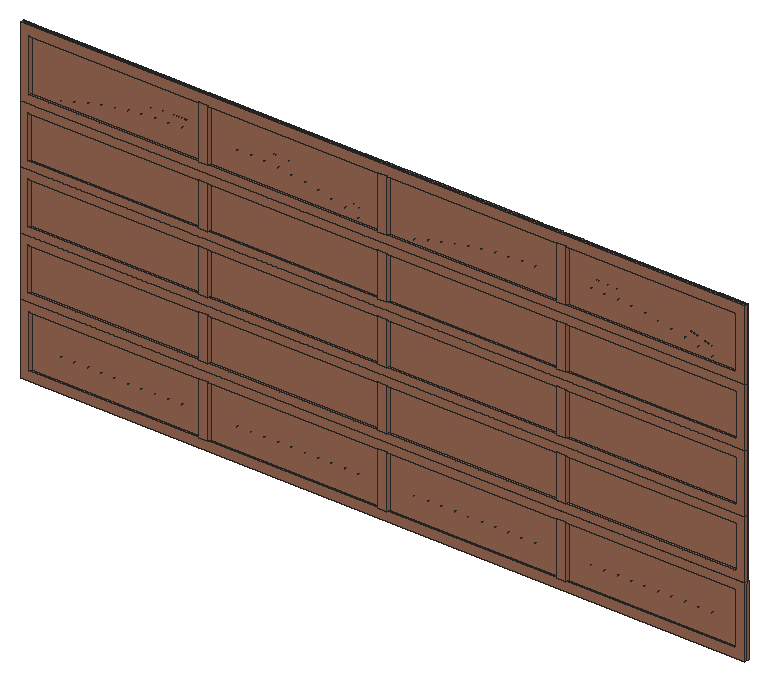
Revit family "GDBL E VERT ARCH ()(Recovery)", category Doors, host Wall, Revit 2013
Parameters
  Wall Opening [instance] = 4880 mm
  Handle Height = 0 mm
  Handle Finish = none
  Function = Interior
  Frame Projection Ext. = 25 mm
  Frame Projection Int. = 25 mm
  Frame Width = 75 mm
  Height = 2135 mm
  Wall Closure = By host
  Width = 4880 mm
  Door Finish = Timber
Reference planes
  plane 1: y = 0
  plane 2 "Center (Left/Right)": x = 0
  plane 3 "Left": x = -2440
  plane 4 "Right": x = 2440
  plane 5: z = 2135
  plane 6 "Exterior": y = 75
  plane 7 "Interior": y = -75
  plane 8 "Garage Bottom": y = 75
  plane 9 "Garage Left": x = 2470
  plane 10 "Garage Right": x = -2470
  plane 11 "Garage Top": z = 2170
  plane 12: z = 482
  plane 13: z = 884
  plane 14: z = 1286
  plane 15: z = 1688
  plane 16 "Front Garage": y = -75
  plane 17: x = 2270
  plane 18: x = 140
  plane 19: z = 170
  plane 20: x = 1205
  plane 21: x = 1345
  plane 22: x = 1065
  plane 23: z = 582
  plane 24: z = 1820
  plane 25: z = 1960
  plane 26: x = -1205
  plane 27: z = 382
  plane 28: z = 794
  plane 29: z = 974
Forms (mm)
  Sweep 1, solid, material "Garage Wood"
    path origin (0, -75, -506) x (1, 0, 0) y (0, 0, 1)
      loop
        line (-2470, 2194) -> (-2470, 1792) -> (2470, 1792) -> (2470, 2194) -> (-2470, 2194)
    profile origin (0, -75, 1688) x (0, 0, 1) y (0, -1, 0)
      loop
        line (-54, 9) -> (0, 9) -> (0, 30) -> (-54, 30) -> (-54, 9)
  Sweep 2, solid, material "Garage Wood"
    path origin (0, -75, -1658) x (1, 0, 0) y (0, 0, 1)
      loop
        line (-2470, 2140) -> (-2470, 1658) -> (2470, 1658) -> (2470, 2140) -> (-2470, 2140)
    profile origin (0, -75, 482) x (0, 0, 1) y (0, -1, 0)
      loop
        line (-60, 9) -> (0, 9) -> (0, 30) -> (-60, 30) -> (-60, 9)
  Sweep 3, solid, material "Garage Wood"
    path origin (0, -75, 30) x (1, 0, 0) y (0, 0, 1)
      loop
        line (-2470, 2140) -> (-2470, 1658) -> (2470, 1658) -> (2470, 2140) -> (-2470, 2140)
    profile origin (0, -75, 2170) x (0, 0, 1) y (0, -1, 0)
      loop
        line (-60, 9) -> (0, 9) -> (0, 30) -> (-60, 30) -> (-60, 9)
  Sweep 4, solid, material "Garage Wood"
    path origin (0, -75, -908) x (1, 0, 0) y (0, 0, 1)
      loop
        line (-2470, 2194) -> (-2470, 1792) -> (2470, 1792) -> (2470, 2194) -> (-2470, 2194)
    profile origin (0, -75, 1286) x (0, 0, 1) y (0, -1, 0)
      loop
        line (-54, 9) -> (0, 9) -> (0, 30) -> (-54, 30) -> (-54, 9)
  Sweep 5, solid, material "Garage Wood"
    path origin (0, -75, -1310) x (1, 0, 0) y (0, 0, 1)
      loop
        line (-2470, 2194) -> (-2470, 1792) -> (2470, 1792) -> (2470, 2194) -> (-2470, 2194)
    profile origin (0, -75, 884) x (0, 0, 1) y (0, -1, 0)
      loop
        line (-54, 9) -> (0, 9) -> (0, 30) -> (-54, 30) -> (-54, 9)
  Extrusion 6, solid, material "Garage Wood"
    sketch origin (2744.172, 300, 2048) x (1, 0, 0) y (0, 1, 0)
      loop
        line (-2774.172, -384) -> (-2774.172, -405) -> (-2714.172, -405) -> (-2714.172, -384) -> (-2774.172, -384)
      loop
        line (-3994.172, -384) -> (-3994.172, -405) -> (-3934.172, -405) -> (-3934.172, -384) -> (-3994.172, -384)
      loop
        line (-1494.172, -384) -> (-1554.172, -384) -> (-1554.172, -405) -> (-1494.172, -405) -> (-1494.172, -384)
    from -708 to -414
  Extrusion 7, solid, material "Garage Wood"
    sketch origin (2744.172, 300, 896) x (1, 0, 0) y (0, 1, 0)
      loop
        line (-2774.172, -384) -> (-2774.172, -405) -> (-2714.172, -405) -> (-2714.172, -384) -> (-2774.172, -384)
      loop
        line (-3994.172, -384) -> (-3994.172, -405) -> (-3934.172, -405) -> (-3934.172, -384) -> (-3994.172, -384)
      loop
        line (-1494.172, -384) -> (-1554.172, -384) -> (-1554.172, -405) -> (-1494.172, -405) -> (-1494.172, -384)
    from -836 to -474
  Extrusion 8, solid, material "Garage Wood"
    sketch origin (2744.172, 300, 2584) x (1, 0, 0) y (0, 1, 0)
      loop
        line (-2774.172, -384) -> (-2774.172, -405) -> (-2714.172, -405) -> (-2714.172, -384) -> (-2774.172, -384)
      loop
        line (-3994.172, -384) -> (-3994.172, -405) -> (-3934.172, -405) -> (-3934.172, -384) -> (-3994.172, -384)
      loop
        line (-1494.172, -384) -> (-1554.172, -384) -> (-1554.172, -405) -> (-1494.172, -405) -> (-1494.172, -384)
    from -836 to -474
  Extrusion 9, solid, material "Garage Wood"
    sketch origin (2744.172, 300, 1646) x (1, 0, 0) y (0, 1, 0)
      loop
        line (-2774.172, -384) -> (-2774.172, -405) -> (-2714.172, -405) -> (-2714.172, -384) -> (-2774.172, -384)
      loop
        line (-3994.172, -384) -> (-3994.172, -405) -> (-3934.172, -405) -> (-3934.172, -384) -> (-3994.172, -384)
      loop
        line (-1494.172, -384) -> (-1554.172, -384) -> (-1554.172, -405) -> (-1494.172, -405) -> (-1494.172, -384)
    from -708 to -414
  Extrusion 10, solid, material "Garage Wood"
    sketch origin (2744.172, 300, 1244) x (1, 0, 0) y (0, 1, 0)
      loop
        line (-2774.172, -384) -> (-2774.172, -405) -> (-2714.172, -405) -> (-2714.172, -384) -> (-2774.172, -384)
      loop
        line (-3994.172, -384) -> (-3994.172, -405) -> (-3934.172, -405) -> (-3934.172, -384) -> (-3994.172, -384)
      loop
        line (-1494.172, -384) -> (-1554.172, -384) -> (-1554.172, -405) -> (-1494.172, -405) -> (-1494.172, -384)
    from -708 to -414
  Extrusion 11, solid, material "Garage Wood"
    sketch origin (1220, -75, 0) x (0, 0, -1) y (-1, 0, 0)
      loop
        line (-482, -1250) -> (0, -1250) -> (0, 3690) -> (-482, 3690) -> (-482, -1250)
    from 0 to -9
  Extrusion 12, solid, material "Garage Wood"
    sketch origin (1220, -75, 512) x (0, 0, -1) y (-1, 0, 0)
      loop
        line (-372, -1250) -> (30, -1250) -> (30, 3690) -> (-372, 3690) -> (-372, -1250)
    from 0 to -9
  Extrusion 13, solid, material "Garage Wood"
    sketch origin (1220, -75, 896) x (0, 0, -1) y (-1, 0, 0)
      loop
        line (-390, -1250) -> (12, -1250) -> (12, 3690) -> (-390, 3690) -> (-390, -1250)
    from 0 to -9
  Extrusion 14, solid, material "Garage Wood"
    sketch origin (1220, -75, 1280) x (0, 0, -1) y (-1, 0, 0)
      loop
        line (-408, -1250) -> (-6, -1250) -> (-6, 3690) -> (-408, 3690) -> (-408, -1250)
    from 0 to -9
  Extrusion 15, solid, material "Garage Wood"
    sketch origin (1220, -75, 1664) x (0, 0, -1) y (-1, 0, 0)
      loop
        line (-506, -1250) -> (-24, -1250) -> (-24, 3690) -> (-506, 3690) -> (-506, -1250)
    from 0 to -9
  Extrusion 16, void
    sketch origin (2744.172, 300, 1688) x (0, 1, 0) y (1, 0, 0)
      loop
        line (-377.187, -474.172) -> (-375, -476.672) -> (-375, -471.672) -> (-377.187, -474.172)
    from -482 to 0
  Extrusion 17, void
    sketch origin (2744.172, 300, 1206) x (0, 1, 0) y (1, 0, 0)
      loop
        line (-377.187, -474.172) -> (-375, -476.672) -> (-375, -471.672) -> (-377.187, -474.172)
    from -482 to -80
  Extrusion 18, void
    sketch origin (2744.172, 300, 804) x (0, 1, 0) y (1, 0, 0)
      loop
        line (-377.187, -474.172) -> (-375, -476.672) -> (-375, -471.672) -> (-377.187, -474.172)
    from -482 to -80
  Extrusion 19, void
    sketch origin (2744.172, 300, 402) x (0, 1, 0) y (1, 0, 0)
      loop
        line (-377.187, -474.172) -> (-375, -476.672) -> (-375, -471.672) -> (-377.187, -474.172)
    from -482 to -80
  Extrusion 20, void
    sketch origin (2744.172, 300, -80) x (0, 1, 0) y (1, 0, 0)
      loop
        line (-377.187, -474.172) -> (-375, -476.672) -> (-375, -471.672) -> (-377.187, -474.172)
    from -562 to -80
  Extrusion 21, void
    sketch origin (1819.172, 300, 1688) x (0, 1, 0) y (1, 0, 0)
      loop
        line (-377.187, -474.172) -> (-375, -476.672) -> (-375, -471.672) -> (-377.187, -474.172)
    from -482 to 0
  Extrusion 22, void
    sketch origin (1819.172, 300, 1206) x (0, 1, 0) y (1, 0, 0)
      loop
        line (-377.187, -474.172) -> (-375, -476.672) -> (-375, -471.672) -> (-377.187, -474.172)
    from -482 to -80
  Extrusion 23, void
    sketch origin (1819.172, 300, 804) x (0, 1, 0) y (1, 0, 0)
      loop
        line (-377.187, -474.172) -> (-375, -476.672) -> (-375, -471.672) -> (-377.187, -474.172)
    from -482 to -80
  Extrusion 24, void
    sketch origin (1819.172, 300, 402) x (0, 1, 0) y (1, 0, 0)
      loop
        line (-377.187, -474.172) -> (-375, -476.672) -> (-375, -471.672) -> (-377.187, -474.172)
    from -482 to -80
  Extrusion 25, void
    sketch origin (1819.172, 300, -80) x (0, 1, 0) y (1, 0, 0)
      loop
        line (-377.187, -474.172) -> (-375, -476.672) -> (-375, -471.672) -> (-377.187, -474.172)
    from -562 to -80
  Extrusion 26, void
    sketch origin (1679.172, 300, 1688) x (0, 1, 0) y (1, 0, 0)
      loop
        line (-377.187, -474.172) -> (-375, -476.672) -> (-375, -471.672) -> (-377.187, -474.172)
    from -482 to 0
  Extrusion 27, void
    sketch origin (1679.172, 300, 1206) x (0, 1, 0) y (1, 0, 0)
      loop
        line (-377.187, -474.172) -> (-375, -476.672) -> (-375, -471.672) -> (-377.187, -474.172)
    from -482 to -80
  Extrusion 28, void
    sketch origin (1679.172, 300, 804) x (0, 1, 0) y (1, 0, 0)
      loop
        line (-377.187, -474.172) -> (-375, -476.672) -> (-375, -471.672) -> (-377.187, -474.172)
    from -482 to -80
  Extrusion 29, void
    sketch origin (1679.172, 300, 402) x (0, 1, 0) y (1, 0, 0)
      loop
        line (-377.187, -474.172) -> (-375, -476.672) -> (-375, -471.672) -> (-377.187, -474.172)
    from -482 to -80
  Extrusion 30, void
    sketch origin (1679.172, 300, -80) x (0, 1, 0) y (1, 0, 0)
      loop
        line (-377.187, -474.172) -> (-375, -476.672) -> (-375, -471.672) -> (-377.187, -474.172)
    from -562 to -80
  Extrusion 31, void
    sketch origin (1539.172, 300, 1688) x (0, 1, 0) y (1, 0, 0)
      loop
        line (-377.187, -474.172) -> (-375, -476.672) -> (-375, -471.672) -> (-377.187, -474.172)
    from -482 to 0
  Extrusion 32, void
    sketch origin (1539.172, 300, 1206) x (0, 1, 0) y (1, 0, 0)
      loop
        line (-377.187, -474.172) -> (-375, -476.672) -> (-375, -471.672) -> (-377.187, -474.172)
    from -482 to -80
  Extrusion 33, void
    sketch origin (1539.172, 300, 804) x (0, 1, 0) y (1, 0, 0)
      loop
        line (-377.187, -474.172) -> (-375, -476.672) -> (-375, -471.672) -> (-377.187, -474.172)
    from -482 to -80
  Extrusion 34, void
    sketch origin (1539.172, 300, 402) x (0, 1, 0) y (1, 0, 0)
      loop
        line (-377.187, -474.172) -> (-375, -476.672) -> (-375, -471.672) -> (-377.187, -474.172)
    from -482 to -80
  Extrusion 35, void
    sketch origin (1539.172, 300, -80) x (0, 1, 0) y (1, 0, 0)
      loop
        line (-377.187, -474.172) -> (-375, -476.672) -> (-375, -471.672) -> (-377.187, -474.172)
    from -562 to -80
  Extrusion 36, void
    sketch origin (2743.252, 300, 1688) x (0, 1, 0) y (1, 0, 0)
      loop
        line (-378.5, -570.639) -> (-375, -574.639) -> (-375, -566.639) -> (-378.5, -570.639)
    from 0 to 402
  Extrusion 37, void
    sketch origin (2651.952, 300, 1688) x (0, 1, 0) y (1, 0, 0)
      loop
        line (-378.5, -570.639) -> (-375, -574.639) -> (-375, -566.639) -> (-378.5, -570.639)
    from 0 to 402
  Extrusion 38, void
    sketch origin (2560.652, 300, 1688) x (0, 1, 0) y (1, 0, 0)
      loop
        line (-378.5, -570.639) -> (-375, -574.639) -> (-375, -566.639) -> (-378.5, -570.639)
    from 0 to 402
  Extrusion 39, void
    sketch origin (2469.352, 300, 1688) x (0, 1, 0) y (1, 0, 0)
      loop
        line (-378.5, -570.639) -> (-375, -574.639) -> (-375, -566.639) -> (-378.5, -570.639)
    from 0 to 402
  Extrusion 40, void
    sketch origin (2378.052, 300, 1688) x (0, 1, 0) y (1, 0, 0)
      loop
        line (-378.5, -570.639) -> (-375, -574.639) -> (-375, -566.639) -> (-378.5, -570.639)
    from 0 to 402
  Extrusion 41, void
    sketch origin (2286.752, 300, 1688) x (0, 1, 0) y (1, 0, 0)
      loop
        line (-378.5, -570.639) -> (-375, -574.639) -> (-375, -566.639) -> (-378.5, -570.639)
    from 0 to 402
  Extrusion 42, void
    sketch origin (2195.452, 300, 1688) x (0, 1, 0) y (1, 0, 0)
      loop
        line (-378.5, -570.639) -> (-375, -574.639) -> (-375, -566.639) -> (-378.5, -570.639)
    from 0 to 402
  Extrusion 43, void
    sketch origin (2104.152, 300, 1688) x (0, 1, 0) y (1, 0, 0)
      loop
        line (-378.5, -570.639) -> (-375, -574.639) -> (-375, -566.639) -> (-378.5, -570.639)
    from 0 to 402
  Extrusion 44, void
    sketch origin (2012.852, 300, 1688) x (0, 1, 0) y (1, 0, 0)
      loop
        line (-378.5, -570.639) -> (-375, -574.639) -> (-375, -566.639) -> (-378.5, -570.639)
    from 0 to 402
  Extrusion 45, void
    sketch origin (1538.427, 300, 1688) x (0, 1, 0) y (1, 0, 0)
      loop
        line (-378.5, -570.639) -> (-375, -574.639) -> (-375, -566.639) -> (-378.5, -570.639)
    from 0 to 402
  Extrusion 46, void
    sketch origin (1447.127, 300, 1688) x (0, 1, 0) y (1, 0, 0)
      loop
        line (-378.5, -570.639) -> (-375, -574.639) -> (-375, -566.639) -> (-378.5, -570.639)
    from 0 to 402
  Extrusion 47, void
    sketch origin (1355.827, 300, 1688) x (0, 1, 0) y (1, 0, 0)
      loop
        line (-378.5, -570.639) -> (-375, -574.639) -> (-375, -566.639) -> (-378.5, -570.639)
    from 0 to 402
  Extrusion 48, void
    sketch origin (1264.527, 300, 1688) x (0, 1, 0) y (1, 0, 0)
      loop
        line (-378.5, -570.639) -> (-375, -574.639) -> (-375, -566.639) -> (-378.5, -570.639)
    from 0 to 402
  Extrusion 49, void
    sketch origin (1173.227, 300, 1688) x (0, 1, 0) y (1, 0, 0)
      loop
        line (-378.5, -570.639) -> (-375, -574.639) -> (-375, -566.639) -> (-378.5, -570.639)
    from 0 to 402
  Extrusion 50, void
    sketch origin (1081.927, 300, 1688) x (0, 1, 0) y (1, 0, 0)
      loop
        line (-378.5, -570.639) -> (-375, -574.639) -> (-375, -566.639) -> (-378.5, -570.639)
    from 0 to 402
  Extrusion 51, void
    sketch origin (990.627, 300, 1688) x (0, 1, 0) y (1, 0, 0)
      loop
        line (-378.5, -570.639) -> (-375, -574.639) -> (-375, -566.639) -> (-378.5, -570.639)
    from 0 to 402
  Extrusion 52, void
    sketch origin (899.327, 300, 1688) x (0, 1, 0) y (1, 0, 0)
      loop
        line (-378.5, -570.639) -> (-375, -574.639) -> (-375, -566.639) -> (-378.5, -570.639)
    from 0 to 402
  Extrusion 53, void
    sketch origin (808.027, 300, 1688) x (0, 1, 0) y (1, 0, 0)
      loop
        line (-378.5, -570.639) -> (-375, -574.639) -> (-375, -566.639) -> (-378.5, -570.639)
    from 0 to 402
  Extrusion 54, void
    sketch origin (614.172, 300, 1688) x (0, 1, 0) y (1, 0, 0)
      loop
        line (-377.187, -474.172) -> (-375, -476.672) -> (-375, -471.672) -> (-377.187, -474.172)
    from -482 to 0
  Extrusion 55, void
    sketch origin (614.172, 300, 1206) x (0, 1, 0) y (1, 0, 0)
      loop
        line (-377.187, -474.172) -> (-375, -476.672) -> (-375, -471.672) -> (-377.187, -474.172)
    from -482 to -80
  Extrusion 56, void
    sketch origin (614.172, 300, 804) x (0, 1, 0) y (1, 0, 0)
      loop
        line (-377.187, -474.172) -> (-375, -476.672) -> (-375, -471.672) -> (-377.187, -474.172)
    from -482 to -80
  Extrusion 57, void
    sketch origin (614.172, 300, 402) x (0, 1, 0) y (1, 0, 0)
      loop
        line (-377.187, -474.172) -> (-375, -476.672) -> (-375, -471.672) -> (-377.187, -474.172)
    from -482 to -80
  Extrusion 58, void
    sketch origin (614.172, 300, -80) x (0, 1, 0) y (1, 0, 0)
      loop
        line (-377.187, -474.172) -> (-375, -476.672) -> (-375, -471.672) -> (-377.187, -474.172)
    from -562 to -80
  Extrusion 59, void
    sketch origin (474.172, 300, 1688) x (0, 1, 0) y (1, 0, 0)
      loop
        line (-377.187, -474.172) -> (-375, -476.672) -> (-375, -471.672) -> (-377.187, -474.172)
    from -482 to 0
  Extrusion 60, void
    sketch origin (474.172, 300, 1206) x (0, 1, 0) y (1, 0, 0)
      loop
        line (-377.187, -474.172) -> (-375, -476.672) -> (-375, -471.672) -> (-377.187, -474.172)
    from -482 to -80
  Extrusion 61, void
    sketch origin (474.172, 300, 804) x (0, 1, 0) y (1, 0, 0)
      loop
        line (-377.187, -474.172) -> (-375, -476.672) -> (-375, -471.672) -> (-377.187, -474.172)
    from -482 to -80
  Extrusion 62, void
    sketch origin (474.172, 300, 402) x (0, 1, 0) y (1, 0, 0)
      loop
        line (-377.187, -474.172) -> (-375, -476.672) -> (-375, -471.672) -> (-377.187, -474.172)
    from -482 to -80
  Extrusion 63, void
    sketch origin (474.172, 300, -80) x (0, 1, 0) y (1, 0, 0)
      loop
        line (-377.187, -474.172) -> (-375, -476.672) -> (-375, -471.672) -> (-377.187, -474.172)
    from -562 to -80
  Sweep 64, void
    path origin (0, -75, 0) x (0, 0, -1) y (-1, 0, 0)
      loop
        line (-1819, -2267.5) -> (-171, -2267.5) -> (-171, -1347.5) -> (-1959, -1347.5)
        arc (-1959, -1347.5) -> (-1928.359, -1813.489) -> (-1819, -2267.5) r 2738.903
    profile origin (2267.5, -75, 995) x (0, 1, 0) y (-1, 0, 0)
      loop
        line (0, -5) -> (0, 3) -> (-3.5, -1) -> (0, -5)
  Extrusion 65, void
    sketch origin (2743.252, 300, 1286) x (0, 1, 0) y (1, 0, 0)
      loop
        line (-378.5, -570.639) -> (-375, -574.639) -> (-375, -566.639) -> (-378.5, -570.639)
    from 0 to 402
  Extrusion 66, void
    sketch origin (2651.952, 300, 1286) x (0, 1, 0) y (1, 0, 0)
      loop
        line (-378.5, -570.639) -> (-375, -574.639) -> (-375, -566.639) -> (-378.5, -570.639)
    from 0 to 402
  Extrusion 67, void
    sketch origin (2560.652, 300, 1286) x (0, 1, 0) y (1, 0, 0)
      loop
        line (-378.5, -570.639) -> (-375, -574.639) -> (-375, -566.639) -> (-378.5, -570.639)
    from 0 to 402
  Extrusion 68, void
    sketch origin (2469.352, 300, 1286) x (0, 1, 0) y (1, 0, 0)
      loop
        line (-378.5, -570.639) -> (-375, -574.639) -> (-375, -566.639) -> (-378.5, -570.639)
    from 0 to 402
  Extrusion 69, void
    sketch origin (2378.052, 300, 1286) x (0, 1, 0) y (1, 0, 0)
      loop
        line (-378.5, -570.639) -> (-375, -574.639) -> (-375, -566.639) -> (-378.5, -570.639)
    from 0 to 402
  Extrusion 70, void
    sketch origin (2286.752, 300, 1286) x (0, 1, 0) y (1, 0, 0)
      loop
        line (-378.5, -570.639) -> (-375, -574.639) -> (-375, -566.639) -> (-378.5, -570.639)
    from 0 to 402
  Extrusion 71, void
    sketch origin (2195.452, 300, 1286) x (0, 1, 0) y (1, 0, 0)
      loop
        line (-378.5, -570.639) -> (-375, -574.639) -> (-375, -566.639) -> (-378.5, -570.639)
    from 0 to 402
  Extrusion 72, void
    sketch origin (2104.152, 300, 1286) x (0, 1, 0) y (1, 0, 0)
      loop
        line (-378.5, -570.639) -> (-375, -574.639) -> (-375, -566.639) -> (-378.5, -570.639)
    from 0 to 402
  Extrusion 73, void
    sketch origin (2012.852, 300, 1286) x (0, 1, 0) y (1, 0, 0)
      loop
        line (-378.5, -570.639) -> (-375, -574.639) -> (-375, -566.639) -> (-378.5, -570.639)
    from 0 to 402
  Extrusion 74, void
    sketch origin (1538.427, 300, 1286) x (0, 1, 0) y (1, 0, 0)
      loop
        line (-378.5, -570.639) -> (-375, -574.639) -> (-375, -566.639) -> (-378.5, -570.639)
    from 0 to 402
  Extrusion 75, void
    sketch origin (1447.127, 300, 1286) x (0, 1, 0) y (1, 0, 0)
      loop
        line (-378.5, -570.639) -> (-375, -574.639) -> (-375, -566.639) -> (-378.5, -570.639)
    from 0 to 402
  Extrusion 76, void
    sketch origin (1355.827, 300, 1286) x (0, 1, 0) y (1, 0, 0)
      loop
        line (-378.5, -570.639) -> (-375, -574.639) -> (-375, -566.639) -> (-378.5, -570.639)
    from 0 to 402
  Extrusion 77, void
    sketch origin (1264.527, 300, 1286) x (0, 1, 0) y (1, 0, 0)
      loop
        line (-378.5, -570.639) -> (-375, -574.639) -> (-375, -566.639) -> (-378.5, -570.639)
    from 0 to 402
  Extrusion 78, void
    sketch origin (1173.227, 300, 1286) x (0, 1, 0) y (1, 0, 0)
      loop
        line (-378.5, -570.639) -> (-375, -574.639) -> (-375, -566.639) -> (-378.5, -570.639)
    from 0 to 402
  Extrusion 79, void
    sketch origin (1081.927, 300, 1286) x (0, 1, 0) y (1, 0, 0)
      loop
        line (-378.5, -570.639) -> (-375, -574.639) -> (-375, -566.639) -> (-378.5, -570.639)
    from 0 to 402
  Extrusion 80, void
    sketch origin (990.627, 300, 1286) x (0, 1, 0) y (1, 0, 0)
      loop
        line (-378.5, -570.639) -> (-375, -574.639) -> (-375, -566.639) -> (-378.5, -570.639)
    from 0 to 402
  Extrusion 81, void
    sketch origin (899.327, 300, 1286) x (0, 1, 0) y (1, 0, 0)
      loop
        line (-378.5, -570.639) -> (-375, -574.639) -> (-375, -566.639) -> (-378.5, -570.639)
    from 0 to 402
  Extrusion 82, void
    sketch origin (808.027, 300, 1286) x (0, 1, 0) y (1, 0, 0)
      loop
        line (-378.5, -570.639) -> (-375, -574.639) -> (-375, -566.639) -> (-378.5, -570.639)
    from 0 to 402
  Extrusion 83, void
    sketch origin (2743.252, 300, 884) x (0, 1, 0) y (1, 0, 0)
      loop
        line (-378.5, -570.639) -> (-375, -574.639) -> (-375, -566.639) -> (-378.5, -570.639)
    from 0 to 402
  Extrusion 84, void
    sketch origin (2651.952, 300, 884) x (0, 1, 0) y (1, 0, 0)
      loop
        line (-378.5, -570.639) -> (-375, -574.639) -> (-375, -566.639) -> (-378.5, -570.639)
    from 0 to 402
  Extrusion 85, void
    sketch origin (2560.652, 300, 884) x (0, 1, 0) y (1, 0, 0)
      loop
        line (-378.5, -570.639) -> (-375, -574.639) -> (-375, -566.639) -> (-378.5, -570.639)
    from 0 to 402
  Extrusion 86, void
    sketch origin (2469.352, 300, 884) x (0, 1, 0) y (1, 0, 0)
      loop
        line (-378.5, -570.639) -> (-375, -574.639) -> (-375, -566.639) -> (-378.5, -570.639)
    from 0 to 402
  Extrusion 87, void
    sketch origin (2378.052, 300, 884) x (0, 1, 0) y (1, 0, 0)
      loop
        line (-378.5, -570.639) -> (-375, -574.639) -> (-375, -566.639) -> (-378.5, -570.639)
    from 0 to 402
  Extrusion 88, void
    sketch origin (2286.752, 300, 884) x (0, 1, 0) y (1, 0, 0)
      loop
        line (-378.5, -570.639) -> (-375, -574.639) -> (-375, -566.639) -> (-378.5, -570.639)
    from 0 to 402
  Extrusion 89, void
    sketch origin (2195.452, 300, 884) x (0, 1, 0) y (1, 0, 0)
      loop
        line (-378.5, -570.639) -> (-375, -574.639) -> (-375, -566.639) -> (-378.5, -570.639)
    from 0 to 402
  Extrusion 90, void
    sketch origin (2104.152, 300, 884) x (0, 1, 0) y (1, 0, 0)
      loop
        line (-378.5, -570.639) -> (-375, -574.639) -> (-375, -566.639) -> (-378.5, -570.639)
    from 0 to 402
  Extrusion 91, void
    sketch origin (2012.852, 300, 884) x (0, 1, 0) y (1, 0, 0)
      loop
        line (-378.5, -570.639) -> (-375, -574.639) -> (-375, -566.639) -> (-378.5, -570.639)
    from 0 to 402
  Extrusion 92, void
    sketch origin (1538.427, 300, 884) x (0, 1, 0) y (1, 0, 0)
      loop
        line (-378.5, -570.639) -> (-375, -574.639) -> (-375, -566.639) -> (-378.5, -570.639)
    from 0 to 402
  Extrusion 93, void
    sketch origin (1447.127, 300, 884) x (0, 1, 0) y (1, 0, 0)
      loop
        line (-378.5, -570.639) -> (-375, -574.639) -> (-375, -566.639) -> (-378.5, -570.639)
    from 0 to 402
  Extrusion 94, void
    sketch origin (1355.827, 300, 884) x (0, 1, 0) y (1, 0, 0)
      loop
        line (-378.5, -570.639) -> (-375, -574.639) -> (-375, -566.639) -> (-378.5, -570.639)
    from 0 to 402
  Extrusion 95, void
    sketch origin (1264.527, 300, 884) x (0, 1, 0) y (1, 0, 0)
      loop
        line (-378.5, -570.639) -> (-375, -574.639) -> (-375, -566.639) -> (-378.5, -570.639)
    from 0 to 402
  Extrusion 96, void
    sketch origin (1173.227, 300, 884) x (0, 1, 0) y (1, 0, 0)
      loop
        line (-378.5, -570.639) -> (-375, -574.639) -> (-375, -566.639) -> (-378.5, -570.639)
    from 0 to 402
  Extrusion 97, void
    sketch origin (1081.927, 300, 884) x (0, 1, 0) y (1, 0, 0)
      loop
        line (-378.5, -570.639) -> (-375, -574.639) -> (-375, -566.639) -> (-378.5, -570.639)
    from 0 to 402
  Extrusion 98, void
    sketch origin (990.627, 300, 884) x (0, 1, 0) y (1, 0, 0)
      loop
        line (-378.5, -570.639) -> (-375, -574.639) -> (-375, -566.639) -> (-378.5, -570.639)
    from 0 to 402
  Extrusion 99, void
    sketch origin (899.327, 300, 884) x (0, 1, 0) y (1, 0, 0)
      loop
        line (-378.5, -570.639) -> (-375, -574.639) -> (-375, -566.639) -> (-378.5, -570.639)
    from 0 to 402
  Extrusion 100, void
    sketch origin (808.027, 300, 884) x (0, 1, 0) y (1, 0, 0)
      loop
        line (-378.5, -570.639) -> (-375, -574.639) -> (-375, -566.639) -> (-378.5, -570.639)
    from 0 to 402
  Extrusion 101, void
    sketch origin (2743.252, 300, 482) x (0, 1, 0) y (1, 0, 0)
      loop
        line (-378.5, -570.639) -> (-375, -574.639) -> (-375, -566.639) -> (-378.5, -570.639)
    from 0 to 312
  Extrusion 102, void
    sketch origin (2651.952, 300, 482) x (0, 1, 0) y (1, 0, 0)
      loop
        line (-378.5, -570.639) -> (-375, -574.639) -> (-375, -566.639) -> (-378.5, -570.639)
    from 0 to 312
  Extrusion 103, void
    sketch origin (2560.652, 300, 482) x (0, 1, 0) y (1, 0, 0)
      loop
        line (-378.5, -570.639) -> (-375, -574.639) -> (-375, -566.639) -> (-378.5, -570.639)
    from 0 to 312
  Extrusion 104, void
    sketch origin (2469.352, 300, 482) x (0, 1, 0) y (1, 0, 0)
      loop
        line (-378.5, -570.639) -> (-375, -574.639) -> (-375, -566.639) -> (-378.5, -570.639)
    from 0 to 312
  Extrusion 105, void
    sketch origin (2378.052, 300, 482) x (0, 1, 0) y (1, 0, 0)
      loop
        line (-378.5, -570.639) -> (-375, -574.639) -> (-375, -566.639) -> (-378.5, -570.639)
    from 0 to 312
  Extrusion 106, void
    sketch origin (2286.752, 300, 482) x (0, 1, 0) y (1, 0, 0)
      loop
        line (-378.5, -570.639) -> (-375, -574.639) -> (-375, -566.639) -> (-378.5, -570.639)
    from 0 to 312
  Extrusion 107, void
    sketch origin (2195.452, 300, 482) x (0, 1, 0) y (1, 0, 0)
      loop
        line (-378.5, -570.639) -> (-375, -574.639) -> (-375, -566.639) -> (-378.5, -570.639)
    from 0 to 312
  Extrusion 108, void
    sketch origin (2104.152, 300, 482) x (0, 1, 0) y (1, 0, 0)
      loop
        line (-378.5, -570.639) -> (-375, -574.639) -> (-375, -566.639) -> (-378.5, -570.639)
    from 0 to 312
  Extrusion 109, void
    sketch origin (2012.852, 300, 482) x (0, 1, 0) y (1, 0, 0)
      loop
        line (-378.5, -570.639) -> (-375, -574.639) -> (-375, -566.639) -> (-378.5, -570.639)
    from 0 to 312
  Extrusion 110, void
    sketch origin (1538.427, 300, 482) x (0, 1, 0) y (1, 0, 0)
      loop
        line (-378.5, -570.639) -> (-375, -574.639) -> (-375, -566.639) -> (-378.5, -570.639)
    from 0 to 312
  Extrusion 111, void
    sketch origin (1447.127, 300, 482) x (0, 1, 0) y (1, 0, 0)
      loop
        line (-378.5, -570.639) -> (-375, -574.639) -> (-375, -566.639) -> (-378.5, -570.639)
    from 0 to 312
  Extrusion 112, void
    sketch origin (1355.827, 300, 482) x (0, 1, 0) y (1, 0, 0)
      loop
        line (-378.5, -570.639) -> (-375, -574.639) -> (-375, -566.639) -> (-378.5, -570.639)
    from 0 to 312
  Extrusion 113, void
    sketch origin (1264.527, 300, 482) x (0, 1, 0) y (1, 0, 0)
      loop
        line (-378.5, -570.639) -> (-375, -574.639) -> (-375, -566.639) -> (-378.5, -570.639)
    from 0 to 312
  Extrusion 114, void
    sketch origin (1173.227, 300, 482) x (0, 1, 0) y (1, 0, 0)
      loop
        line (-378.5, -570.639) -> (-375, -574.639) -> (-375, -566.639) -> (-378.5, -570.639)
    from 0 to 312
  Extrusion 115, void
    sketch origin (1081.927, 300, 482) x (0, 1, 0) y (1, 0, 0)
      loop
        line (-378.5, -570.639) -> (-375, -574.639) -> (-375, -566.639) -> (-378.5, -570.639)
    from 0 to 312
  Extrusion 116, void
    sketch origin (990.627, 300, 482) x (0, 1, 0) y (1, 0, 0)
      loop
        line (-378.5, -570.639) -> (-375, -574.639) -> (-375, -566.639) -> (-378.5, -570.639)
    from 0 to 312
  Extrusion 117, void
    sketch origin (899.327, 300, 482) x (0, 1, 0) y (1, 0, 0)
      loop
        line (-378.5, -570.639) -> (-375, -574.639) -> (-375, -566.639) -> (-378.5, -570.639)
    from 0 to 312
  Extrusion 118, void
    sketch origin (808.027, 300, 482) x (0, 1, 0) y (1, 0, 0)
      loop
        line (-378.5, -570.639) -> (-375, -574.639) -> (-375, -566.639) -> (-378.5, -570.639)
    from 0 to 312
  Sweep 119, void
    path origin (0, -75, 0) x (0, 0, -1) y (-1, 0, 0)
      loop
        line (-171, -142.5) -> (-1819, -142.5)
        arc (-1819, -142.5) -> (-1925.266, -596.981) -> (-1959, -1062.5) r 2969.228
        line (-1959, -1062.5) -> (-171, -1062.5) -> (-171, -142.5)
    profile origin (602.5, -75, 171) x (0, 0, -1) y (0, 1, 0)
      loop
        line (5, 0) -> (-3, 0) -> (1, -3.5) -> (5, 0)
  Extrusion 120, void
    sketch origin (2743.252, 300, 2090) x (0, 1, 0) y (1, 0, 0)
      loop
        line (-378.5, -570.639) -> (-375, -574.639) -> (-375, -566.639) -> (-378.5, -570.639)
    from 239.904 to 402
  Extrusion 121, void
    sketch origin (2651.952, 300, 2090) x (0, 1, 0) y (1, 0, 0)
      loop
        line (-378.5, -570.639) -> (-375, -574.639) -> (-375, -566.639) -> (-378.5, -570.639)
    from 215.39 to 402
  Extrusion 122, void
    sketch origin (2560.652, 300, 2090) x (0, 1, 0) y (1, 0, 0)
      loop
        line (-378.5, -570.639) -> (-375, -574.639) -> (-375, -566.639) -> (-378.5, -570.639)
    from 193.812 to 402
  Extrusion 123, void
    sketch origin (2469.352, 300, 2090) x (0, 1, 0) y (1, 0, 0)
      loop
        line (-378.5, -570.639) -> (-375, -574.639) -> (-375, -566.639) -> (-378.5, -570.639)
    from 175.347 to 402
  Extrusion 124, void
    sketch origin (2378.052, 300, 2090) x (0, 1, 0) y (1, 0, 0)
      loop
        line (-378.5, -570.639) -> (-375, -574.639) -> (-375, -566.639) -> (-378.5, -570.639)
    from 160.041 to 402
  Extrusion 125, void
    sketch origin (2286.752, 300, 2090) x (0, 1, 0) y (1, 0, 0)
      loop
        line (-378.5, -570.639) -> (-375, -574.639) -> (-375, -566.639) -> (-378.5, -570.639)
    from 148.91 to 402
  Extrusion 126, void
    sketch origin (2195.452, 300, 2090) x (0, 1, 0) y (1, 0, 0)
      loop
        line (-378.5, -570.639) -> (-375, -574.639) -> (-375, -566.639) -> (-378.5, -570.639)
    from 139.448 to 402
  Extrusion 127, void
    sketch origin (2104.152, 300, 2090) x (0, 1, 0) y (1, 0, 0)
      loop
        line (-378.5, -570.639) -> (-375, -574.639) -> (-375, -566.639) -> (-378.5, -570.639)
    from 133.604 to 402
  Extrusion 128, void
    sketch origin (2012.852, 300, 2090) x (0, 1, 0) y (1, 0, 0)
      loop
        line (-378.5, -570.639) -> (-375, -574.639) -> (-375, -566.639) -> (-378.5, -570.639)
    from 130 to 402
  Extrusion 129, void
    sketch origin (305.848, 300, 2090) x (0, -1, 0) y (-1, 0, 0)
      loop
        line (378.5, -570.639) -> (375, -566.639) -> (375, -574.639) -> (378.5, -570.639)
    from 133.604 to 402
  Extrusion 130, void
    sketch origin (397.148, 300, 2090) x (0, -1, 0) y (-1, 0, 0)
      loop
        line (378.5, -570.639) -> (375, -566.639) -> (375, -574.639) -> (378.5, -570.639)
    from 130 to 402
  Extrusion 131, void
    sketch origin (123.248, 300, 2090) x (0, -1, 0) y (-1, 0, 0)
      loop
        line (378.5, -570.639) -> (375, -566.639) -> (375, -574.639) -> (378.5, -570.639)
    from 148.91 to 402
  Extrusion 132, void
    sketch origin (214.548, 300, 2090) x (0, -1, 0) y (-1, 0, 0)
      loop
        line (378.5, -570.639) -> (375, -566.639) -> (375, -574.639) -> (378.5, -570.639)
    from 139.448 to 402
  Extrusion 133, void
    sketch origin (2744.172, 300, 1688) x (0, 1, 0) y (1, 0, 0)
      loop
        line (-378.5, -2506.784) -> (-375, -2510.784) -> (-375, -2502.784) -> (-378.5, -2506.784)
    from -159.932 to 0
  Extrusion 134, void
    sketch origin (2835.472, 300, 1688) x (0, 1, 0) y (1, 0, 0)
      loop
        line (-378.5, -2506.784) -> (-375, -2510.784) -> (-375, -2502.784) -> (-378.5, -2506.784)
    from -185.305 to 0
  Extrusion 135, void
    sketch origin (2926.772, 300, 1688) x (0, 1, 0) y (1, 0, 0)
      loop
        line (-378.5, -2506.784) -> (-375, -2510.784) -> (-375, -2502.784) -> (-378.5, -2506.784)
    from -204.827 to 0
  Extrusion 136, void
    sketch origin (3018.072, 300, 1688) x (0, 1, 0) y (1, 0, 0)
      loop
        line (-378.5, -2506.784) -> (-375, -2510.784) -> (-375, -2502.784) -> (-378.5, -2506.784)
    from -224.029 to 0
  Extrusion 137, void
    sketch origin (3109.372, 300, 1688) x (0, 1, 0) y (1, 0, 0)
      loop
        line (-378.5, -2506.784) -> (-375, -2510.784) -> (-375, -2502.784) -> (-378.5, -2506.784)
    from -238.111 to 0
  Extrusion 138, void
    sketch origin (-2744.172, 300, 1688) x (0, -1, 0) y (-1, 0, 0)
      loop
        line (377.187, -474.172) -> (375, -471.672) -> (375, -476.672) -> (377.187, -474.172)
    from -482 to 0
  Extrusion 139, void
    sketch origin (-2744.172, 300, 1206) x (0, -1, 0) y (-1, 0, 0)
      loop
        line (377.187, -474.172) -> (375, -471.672) -> (375, -476.672) -> (377.187, -474.172)
    from -482 to -80
  Extrusion 140, void
    sketch origin (-2744.172, 300, 804) x (0, -1, 0) y (-1, 0, 0)
      loop
        line (377.187, -474.172) -> (375, -471.672) -> (375, -476.672) -> (377.187, -474.172)
    from -482 to -80
  Extrusion 141, void
    sketch origin (-2744.172, 300, 402) x (0, -1, 0) y (-1, 0, 0)
      loop
        line (377.187, -474.172) -> (375, -471.672) -> (375, -476.672) -> (377.187, -474.172)
    from -482 to -80
  Extrusion 142, void
    sketch origin (-2744.172, 300, -80) x (0, -1, 0) y (-1, 0, 0)
      loop
        line (377.187, -474.172) -> (375, -471.672) -> (375, -476.672) -> (377.187, -474.172)
    from -562 to -80
  Extrusion 143, void
    sketch origin (-1819.172, 300, 1688) x (0, -1, 0) y (-1, 0, 0)
      loop
        line (377.187, -474.172) -> (375, -471.672) -> (375, -476.672) -> (377.187, -474.172)
    from -482 to 0
  Extrusion 144, void
    sketch origin (-1819.172, 300, 1206) x (0, -1, 0) y (-1, 0, 0)
      loop
        line (377.187, -474.172) -> (375, -471.672) -> (375, -476.672) -> (377.187, -474.172)
    from -482 to -80
  Extrusion 145, void
    sketch origin (-1819.172, 300, 804) x (0, -1, 0) y (-1, 0, 0)
      loop
        line (377.187, -474.172) -> (375, -471.672) -> (375, -476.672) -> (377.187, -474.172)
    from -482 to -80
  Extrusion 146, void
    sketch origin (-1819.172, 300, 402) x (0, -1, 0) y (-1, 0, 0)
      loop
        line (377.187, -474.172) -> (375, -471.672) -> (375, -476.672) -> (377.187, -474.172)
    from -482 to -80
  Extrusion 147, void
    sketch origin (-1819.172, 300, -80) x (0, -1, 0) y (-1, 0, 0)
      loop
        line (377.187, -474.172) -> (375, -471.672) -> (375, -476.672) -> (377.187, -474.172)
    from -562 to -80
  Extrusion 148, void
    sketch origin (-1679.172, 300, 1688) x (0, -1, 0) y (-1, 0, 0)
      loop
        line (377.187, -474.172) -> (375, -471.672) -> (375, -476.672) -> (377.187, -474.172)
    from -482 to 0
  Extrusion 149, void
    sketch origin (-1679.172, 300, 1206) x (0, -1, 0) y (-1, 0, 0)
      loop
        line (377.187, -474.172) -> (375, -471.672) -> (375, -476.672) -> (377.187, -474.172)
    from -482 to -80
  Extrusion 150, void
    sketch origin (-1679.172, 300, 804) x (0, -1, 0) y (-1, 0, 0)
      loop
        line (377.187, -474.172) -> (375, -471.672) -> (375, -476.672) -> (377.187, -474.172)
    from -482 to -80
  Extrusion 151, void
    sketch origin (-1679.172, 300, 402) x (0, -1, 0) y (-1, 0, 0)
      loop
        line (377.187, -474.172) -> (375, -471.672) -> (375, -476.672) -> (377.187, -474.172)
    from -482 to -80
  Extrusion 152, void
    sketch origin (-1679.172, 300, -80) x (0, -1, 0) y (-1, 0, 0)
      loop
        line (377.187, -474.172) -> (375, -471.672) -> (375, -476.672) -> (377.187, -474.172)
    from -562 to -80
  Extrusion 153, void
    sketch origin (-1539.172, 300, 1688) x (0, -1, 0) y (-1, 0, 0)
      loop
        line (377.187, -474.172) -> (375, -471.672) -> (375, -476.672) -> (377.187, -474.172)
    from -482 to 0
  Extrusion 154, void
    sketch origin (-1539.172, 300, 1206) x (0, -1, 0) y (-1, 0, 0)
      loop
        line (377.187, -474.172) -> (375, -471.672) -> (375, -476.672) -> (377.187, -474.172)
    from -482 to -80
  Extrusion 155, void
    sketch origin (-1539.172, 300, 804) x (0, -1, 0) y (-1, 0, 0)
      loop
        line (377.187, -474.172) -> (375, -471.672) -> (375, -476.672) -> (377.187, -474.172)
    from -482 to -80
  Extrusion 156, void
    sketch origin (-1539.172, 300, 402) x (0, -1, 0) y (-1, 0, 0)
      loop
        line (377.187, -474.172) -> (375, -471.672) -> (375, -476.672) -> (377.187, -474.172)
    from -482 to -80
  Extrusion 157, void
    sketch origin (-1539.172, 300, -80) x (0, -1, 0) y (-1, 0, 0)
      loop
        line (377.187, -474.172) -> (375, -471.672) -> (375, -476.672) -> (377.187, -474.172)
    from -562 to -80
  Extrusion 158, void
    sketch origin (-2743.252, 300, 1688) x (0, -1, 0) y (-1, 0, 0)
      loop
        line (378.5, -570.639) -> (375, -566.639) -> (375, -574.639) -> (378.5, -570.639)
    from 0 to 402
  Extrusion 159, void
    sketch origin (-2651.952, 300, 1688) x (0, -1, 0) y (-1, 0, 0)
      loop
        line (378.5, -570.639) -> (375, -566.639) -> (375, -574.639) -> (378.5, -570.639)
    from 0 to 402
  Extrusion 160, void
    sketch origin (-2560.652, 300, 1688) x (0, -1, 0) y (-1, 0, 0)
      loop
        line (378.5, -570.639) -> (375, -566.639) -> (375, -574.639) -> (378.5, -570.639)
    from 0 to 402
  Extrusion 161, void
    sketch origin (-2469.352, 300, 1688) x (0, -1, 0) y (-1, 0, 0)
      loop
        line (378.5, -570.639) -> (375, -566.639) -> (375, -574.639) -> (378.5, -570.639)
    from 0 to 402
  Extrusion 162, void
    sketch origin (-2378.052, 300, 1688) x (0, -1, 0) y (-1, 0, 0)
      loop
        line (378.5, -570.639) -> (375, -566.639) -> (375, -574.639) -> (378.5, -570.639)
    from 0 to 402
  Extrusion 163, void
    sketch origin (-2286.752, 300, 1688) x (0, -1, 0) y (-1, 0, 0)
      loop
        line (378.5, -570.639) -> (375, -566.639) -> (375, -574.639) -> (378.5, -570.639)
    from 0 to 402
  Extrusion 164, void
    sketch origin (-2195.452, 300, 1688) x (0, -1, 0) y (-1, 0, 0)
      loop
        line (378.5, -570.639) -> (375, -566.639) -> (375, -574.639) -> (378.5, -570.639)
    from 0 to 402
  Extrusion 165, void
    sketch origin (-2104.152, 300, 1688) x (0, -1, 0) y (-1, 0, 0)
      loop
        line (378.5, -570.639) -> (375, -566.639) -> (375, -574.639) -> (378.5, -570.639)
    from 0 to 402
  Extrusion 166, void
    sketch origin (-2012.852, 300, 1688) x (0, -1, 0) y (-1, 0, 0)
      loop
        line (378.5, -570.639) -> (375, -566.639) -> (375, -574.639) -> (378.5, -570.639)
    from 0 to 402
  Extrusion 167, void
    sketch origin (-1538.427, 300, 1688) x (0, -1, 0) y (-1, 0, 0)
      loop
        line (378.5, -570.639) -> (375, -566.639) -> (375, -574.639) -> (378.5, -570.639)
    from 0 to 402
  Extrusion 168, void
    sketch origin (-1447.127, 300, 1688) x (0, -1, 0) y (-1, 0, 0)
      loop
        line (378.5, -570.639) -> (375, -566.639) -> (375, -574.639) -> (378.5, -570.639)
    from 0 to 402
  Extrusion 169, void
    sketch origin (-1355.827, 300, 1688) x (0, -1, 0) y (-1, 0, 0)
      loop
        line (378.5, -570.639) -> (375, -566.639) -> (375, -574.639) -> (378.5, -570.639)
    from 0 to 402
  Extrusion 170, void
    sketch origin (-1264.527, 300, 1688) x (0, -1, 0) y (-1, 0, 0)
      loop
        line (378.5, -570.639) -> (375, -566.639) -> (375, -574.639) -> (378.5, -570.639)
    from 0 to 402
  Extrusion 171, void
    sketch origin (-1173.227, 300, 1688) x (0, -1, 0) y (-1, 0, 0)
      loop
        line (378.5, -570.639) -> (375, -566.639) -> (375, -574.639) -> (378.5, -570.639)
    from 0 to 402
  Extrusion 172, void
    sketch origin (-1081.927, 300, 1688) x (0, -1, 0) y (-1, 0, 0)
      loop
        line (378.5, -570.639) -> (375, -566.639) -> (375, -574.639) -> (378.5, -570.639)
    from 0 to 402
  Extrusion 173, void
    sketch origin (-990.627, 300, 1688) x (0, -1, 0) y (-1, 0, 0)
      loop
        line (378.5, -570.639) -> (375, -566.639) -> (375, -574.639) -> (378.5, -570.639)
    from 0 to 402
  Extrusion 174, void
    sketch origin (-899.327, 300, 1688) x (0, -1, 0) y (-1, 0, 0)
      loop
        line (378.5, -570.639) -> (375, -566.639) -> (375, -574.639) -> (378.5, -570.639)
    from 0 to 402
  Extrusion 175, void
    sketch origin (-808.027, 300, 1688) x (0, -1, 0) y (-1, 0, 0)
      loop
        line (378.5, -570.639) -> (375, -566.639) -> (375, -574.639) -> (378.5, -570.639)
    from 0 to 402
  Extrusion 176, void
    sketch origin (-614.172, 300, 1688) x (0, -1, 0) y (-1, 0, 0)
      loop
        line (377.187, -474.172) -> (375, -471.672) -> (375, -476.672) -> (377.187, -474.172)
    from -482 to 0
  Extrusion 177, void
    sketch origin (-614.172, 300, 1206) x (0, -1, 0) y (-1, 0, 0)
      loop
        line (377.187, -474.172) -> (375, -471.672) -> (375, -476.672) -> (377.187, -474.172)
    from -482 to -80
  Extrusion 178, void
    sketch origin (-614.172, 300, 804) x (0, -1, 0) y (-1, 0, 0)
      loop
        line (377.187, -474.172) -> (375, -471.672) -> (375, -476.672) -> (377.187, -474.172)
    from -482 to -80
  Extrusion 179, void
    sketch origin (-614.172, 300, 402) x (0, -1, 0) y (-1, 0, 0)
      loop
        line (377.187, -474.172) -> (375, -471.672) -> (375, -476.672) -> (377.187, -474.172)
    from -482 to -80
  Extrusion 180, void
    sketch origin (-614.172, 300, -80) x (0, -1, 0) y (-1, 0, 0)
      loop
        line (377.187, -474.172) -> (375, -471.672) -> (375, -476.672) -> (377.187, -474.172)
    from -562 to -80
  Extrusion 181, void
    sketch origin (-2743.252, 300, 1286) x (0, -1, 0) y (-1, 0, 0)
      loop
        line (378.5, -570.639) -> (375, -566.639) -> (375, -574.639) -> (378.5, -570.639)
    from 0 to 402
  Extrusion 182, void
    sketch origin (-2651.952, 300, 1286) x (0, -1, 0) y (-1, 0, 0)
      loop
        line (378.5, -570.639) -> (375, -566.639) -> (375, -574.639) -> (378.5, -570.639)
    from 0 to 402
  Extrusion 183, void
    sketch origin (-2560.652, 300, 1286) x (0, -1, 0) y (-1, 0, 0)
      loop
        line (378.5, -570.639) -> (375, -566.639) -> (375, -574.639) -> (378.5, -570.639)
    from 0 to 402
  Extrusion 184, void
    sketch origin (-2469.352, 300, 1286) x (0, -1, 0) y (-1, 0, 0)
      loop
        line (378.5, -570.639) -> (375, -566.639) -> (375, -574.639) -> (378.5, -570.639)
    from 0 to 402
  Extrusion 185, void
    sketch origin (-2378.052, 300, 1286) x (0, -1, 0) y (-1, 0, 0)
      loop
        line (378.5, -570.639) -> (375, -566.639) -> (375, -574.639) -> (378.5, -570.639)
    from 0 to 402
  Extrusion 186, void
    sketch origin (-2286.752, 300, 1286) x (0, -1, 0) y (-1, 0, 0)
      loop
        line (378.5, -570.639) -> (375, -566.639) -> (375, -574.639) -> (378.5, -570.639)
    from 0 to 402
  Extrusion 187, void
    sketch origin (-2195.452, 300, 1286) x (0, -1, 0) y (-1, 0, 0)
      loop
        line (378.5, -570.639) -> (375, -566.639) -> (375, -574.639) -> (378.5, -570.639)
    from 0 to 402
  Extrusion 188, void
    sketch origin (-2104.152, 300, 1286) x (0, -1, 0) y (-1, 0, 0)
      loop
        line (378.5, -570.639) -> (375, -566.639) -> (375, -574.639) -> (378.5, -570.639)
    from 0 to 402
  Extrusion 189, void
    sketch origin (-2012.852, 300, 1286) x (0, -1, 0) y (-1, 0, 0)
      loop
        line (378.5, -570.639) -> (375, -566.639) -> (375, -574.639) -> (378.5, -570.639)
    from 0 to 402
  Extrusion 190, void
    sketch origin (-1538.427, 300, 1286) x (0, -1, 0) y (-1, 0, 0)
      loop
        line (378.5, -570.639) -> (375, -566.639) -> (375, -574.639) -> (378.5, -570.639)
    from 0 to 402
  Extrusion 191, void
    sketch origin (-1447.127, 300, 1286) x (0, -1, 0) y (-1, 0, 0)
      loop
        line (378.5, -570.639) -> (375, -566.639) -> (375, -574.639) -> (378.5, -570.639)
    from 0 to 402
  Extrusion 192, void
    sketch origin (-1355.827, 300, 1286) x (0, -1, 0) y (-1, 0, 0)
      loop
        line (378.5, -570.639) -> (375, -566.639) -> (375, -574.639) -> (378.5, -570.639)
    from 0 to 402
  Extrusion 193, void
    sketch origin (-1264.527, 300, 1286) x (0, -1, 0) y (-1, 0, 0)
      loop
        line (378.5, -570.639) -> (375, -566.639) -> (375, -574.639) -> (378.5, -570.639)
    from 0 to 402
  Extrusion 194, void
    sketch origin (-1173.227, 300, 1286) x (0, -1, 0) y (-1, 0, 0)
      loop
        line (378.5, -570.639) -> (375, -566.639) -> (375, -574.639) -> (378.5, -570.639)
    from 0 to 402
  Extrusion 195, void
    sketch origin (-1081.927, 300, 1286) x (0, -1, 0) y (-1, 0, 0)
      loop
        line (378.5, -570.639) -> (375, -566.639) -> (375, -574.639) -> (378.5, -570.639)
    from 0 to 402
  Extrusion 196, void
    sketch origin (-990.627, 300, 1286) x (0, -1, 0) y (-1, 0, 0)
      loop
        line (378.5, -570.639) -> (375, -566.639) -> (375, -574.639) -> (378.5, -570.639)
    from 0 to 402
  Extrusion 197, void
    sketch origin (-899.327, 300, 1286) x (0, -1, 0) y (-1, 0, 0)
      loop
        line (378.5, -570.639) -> (375, -566.639) -> (375, -574.639) -> (378.5, -570.639)
    from 0 to 402
  Extrusion 198, void
    sketch origin (-808.027, 300, 1286) x (0, -1, 0) y (-1, 0, 0)
      loop
        line (378.5, -570.639) -> (375, -566.639) -> (375, -574.639) -> (378.5, -570.639)
    from 0 to 402
  Extrusion 199, void
    sketch origin (-2743.252, 300, 884) x (0, -1, 0) y (-1, 0, 0)
      loop
        line (378.5, -570.639) -> (375, -566.639) -> (375, -574.639) -> (378.5, -570.639)
    from 0 to 402
  Extrusion 200, void
    sketch origin (-2651.952, 300, 884) x (0, -1, 0) y (-1, 0, 0)
      loop
        line (378.5, -570.639) -> (375, -566.639) -> (375, -574.639) -> (378.5, -570.639)
    from 0 to 402
  Extrusion 201, void
    sketch origin (-2560.652, 300, 884) x (0, -1, 0) y (-1, 0, 0)
      loop
        line (378.5, -570.639) -> (375, -566.639) -> (375, -574.639) -> (378.5, -570.639)
    from 0 to 402
  Extrusion 202, void
    sketch origin (-2469.352, 300, 884) x (0, -1, 0) y (-1, 0, 0)
      loop
        line (378.5, -570.639) -> (375, -566.639) -> (375, -574.639) -> (378.5, -570.639)
    from 0 to 402
  Extrusion 203, void
    sketch origin (-2378.052, 300, 884) x (0, -1, 0) y (-1, 0, 0)
      loop
        line (378.5, -570.639) -> (375, -566.639) -> (375, -574.639) -> (378.5, -570.639)
    from 0 to 402
  Extrusion 204, void
    sketch origin (-2286.752, 300, 884) x (0, -1, 0) y (-1, 0, 0)
      loop
        line (378.5, -570.639) -> (375, -566.639) -> (375, -574.639) -> (378.5, -570.639)
    from 0 to 402
  Extrusion 205, void
    sketch origin (-2195.452, 300, 884) x (0, -1, 0) y (-1, 0, 0)
      loop
        line (378.5, -570.639) -> (375, -566.639) -> (375, -574.639) -> (378.5, -570.639)
    from 0 to 402
  Extrusion 206, void
    sketch origin (-2104.152, 300, 884) x (0, -1, 0) y (-1, 0, 0)
      loop
        line (378.5, -570.639) -> (375, -566.639) -> (375, -574.639) -> (378.5, -570.639)
    from 0 to 402
  Extrusion 207, void
    sketch origin (-2012.852, 300, 884) x (0, -1, 0) y (-1, 0, 0)
      loop
        line (378.5, -570.639) -> (375, -566.639) -> (375, -574.639) -> (378.5, -570.639)
    from 0 to 402
  Extrusion 208, void
    sketch origin (-1538.427, 300, 884) x (0, -1, 0) y (-1, 0, 0)
      loop
        line (378.5, -570.639) -> (375, -566.639) -> (375, -574.639) -> (378.5, -570.639)
    from 0 to 402
  Extrusion 209, void
    sketch origin (-1447.127, 300, 884) x (0, -1, 0) y (-1, 0, 0)
      loop
        line (378.5, -570.639) -> (375, -566.639) -> (375, -574.639) -> (378.5, -570.639)
    from 0 to 402
  Extrusion 210, void
    sketch origin (-1355.827, 300, 884) x (0, -1, 0) y (-1, 0, 0)
      loop
        line (378.5, -570.639) -> (375, -566.639) -> (375, -574.639) -> (378.5, -570.639)
    from 0 to 402
  Extrusion 211, void
    sketch origin (-1264.527, 300, 884) x (0, -1, 0) y (-1, 0, 0)
      loop
        line (378.5, -570.639) -> (375, -566.639) -> (375, -574.639) -> (378.5, -570.639)
    from 0 to 402
  Extrusion 212, void
    sketch origin (-1173.227, 300, 884) x (0, -1, 0) y (-1, 0, 0)
      loop
        line (378.5, -570.639) -> (375, -566.639) -> (375, -574.639) -> (378.5, -570.639)
    from 0 to 402
  Extrusion 213, void
    sketch origin (-1081.927, 300, 884) x (0, -1, 0) y (-1, 0, 0)
      loop
        line (378.5, -570.639) -> (375, -566.639) -> (375, -574.639) -> (378.5, -570.639)
    from 0 to 402
  Extrusion 214, void
    sketch origin (-990.627, 300, 884) x (0, -1, 0) y (-1, 0, 0)
      loop
        line (378.5, -570.639) -> (375, -566.639) -> (375, -574.639) -> (378.5, -570.639)
    from 0 to 402
  Extrusion 215, void
    sketch origin (-899.327, 300, 884) x (0, -1, 0) y (-1, 0, 0)
      loop
        line (378.5, -570.639) -> (375, -566.639) -> (375, -574.639) -> (378.5, -570.639)
    from 0 to 402
  Extrusion 216, void
    sketch origin (-808.027, 300, 884) x (0, -1, 0) y (-1, 0, 0)
      loop
        line (378.5, -570.639) -> (375, -566.639) -> (375, -574.639) -> (378.5, -570.639)
    from 0 to 402
  Extrusion 217, void
    sketch origin (-2743.252, 300, 482) x (0, -1, 0) y (-1, 0, 0)
      loop
        line (378.5, -570.639) -> (375, -566.639) -> (375, -574.639) -> (378.5, -570.639)
    from 0 to 312
  Extrusion 218, void
    sketch origin (-2651.952, 300, 482) x (0, -1, 0) y (-1, 0, 0)
      loop
        line (378.5, -570.639) -> (375, -566.639) -> (375, -574.639) -> (378.5, -570.639)
    from 0 to 312
  Extrusion 219, void
    sketch origin (-2560.652, 300, 482) x (0, -1, 0) y (-1, 0, 0)
      loop
        line (378.5, -570.639) -> (375, -566.639) -> (375, -574.639) -> (378.5, -570.639)
    from 0 to 312
  Extrusion 220, void
    sketch origin (-2469.352, 300, 482) x (0, -1, 0) y (-1, 0, 0)
      loop
        line (378.5, -570.639) -> (375, -566.639) -> (375, -574.639) -> (378.5, -570.639)
    from 0 to 312
  Extrusion 221, void
    sketch origin (-2378.052, 300, 482) x (0, -1, 0) y (-1, 0, 0)
      loop
        line (378.5, -570.639) -> (375, -566.639) -> (375, -574.639) -> (378.5, -570.639)
    from 0 to 312
  Extrusion 222, void
    sketch origin (-2286.752, 300, 482) x (0, -1, 0) y (-1, 0, 0)
      loop
        line (378.5, -570.639) -> (375, -566.639) -> (375, -574.639) -> (378.5, -570.639)
    from 0 to 312
  Extrusion 223, void
    sketch origin (-2195.452, 300, 482) x (0, -1, 0) y (-1, 0, 0)
      loop
        line (378.5, -570.639) -> (375, -566.639) -> (375, -574.639) -> (378.5, -570.639)
    from 0 to 312
  Extrusion 224, void
    sketch origin (-2104.152, 300, 482) x (0, -1, 0) y (-1, 0, 0)
      loop
        line (378.5, -570.639) -> (375, -566.639) -> (375, -574.639) -> (378.5, -570.639)
    from 0 to 312
  Extrusion 225, void
    sketch origin (-2012.852, 300, 482) x (0, -1, 0) y (-1, 0, 0)
      loop
        line (378.5, -570.639) -> (375, -566.639) -> (375, -574.639) -> (378.5, -570.639)
    from 0 to 312
  Extrusion 226, void
    sketch origin (-1538.427, 300, 482) x (0, -1, 0) y (-1, 0, 0)
      loop
        line (378.5, -570.639) -> (375, -566.639) -> (375, -574.639) -> (378.5, -570.639)
    from 0 to 312
  Extrusion 227, void
    sketch origin (-1447.127, 300, 482) x (0, -1, 0) y (-1, 0, 0)
      loop
        line (378.5, -570.639) -> (375, -566.639) -> (375, -574.639) -> (378.5, -570.639)
    from 0 to 312
  Extrusion 228, void
    sketch origin (-1355.827, 300, 482) x (0, -1, 0) y (-1, 0, 0)
      loop
        line (378.5, -570.639) -> (375, -566.639) -> (375, -574.639) -> (378.5, -570.639)
    from 0 to 312
  Extrusion 229, void
    sketch origin (-1264.527, 300, 482) x (0, -1, 0) y (-1, 0, 0)
      loop
        line (378.5, -570.639) -> (375, -566.639) -> (375, -574.639) -> (378.5, -570.639)
    from 0 to 312
  Extrusion 230, void
    sketch origin (-1173.227, 300, 482) x (0, -1, 0) y (-1, 0, 0)
      loop
        line (378.5, -570.639) -> (375, -566.639) -> (375, -574.639) -> (378.5, -570.639)
    from 0 to 312
  Extrusion 231, void
    sketch origin (-1081.927, 300, 482) x (0, -1, 0) y (-1, 0, 0)
      loop
        line (378.5, -570.639) -> (375, -566.639) -> (375, -574.639) -> (378.5, -570.639)
    from 0 to 312
  Extrusion 232, void
    sketch origin (-990.627, 300, 482) x (0, -1, 0) y (-1, 0, 0)
      loop
        line (378.5, -570.639) -> (375, -566.639) -> (375, -574.639) -> (378.5, -570.639)
    from 0 to 312
  Extrusion 233, void
    sketch origin (-899.327, 300, 482) x (0, -1, 0) y (-1, 0, 0)
      loop
        line (378.5, -570.639) -> (375, -566.639) -> (375, -574.639) -> (378.5, -570.639)
    from 0 to 312
  Extrusion 234, void
    sketch origin (-808.027, 300, 482) x (0, -1, 0) y (-1, 0, 0)
      loop
        line (378.5, -570.639) -> (375, -566.639) -> (375, -574.639) -> (378.5, -570.639)
    from 0 to 312
  Extrusion 235, void
    sketch origin (-2651.952, 300, 2090) x (0, -1, 0) y (-1, 0, 0)
      loop
        line (378.5, -570.639) -> (375, -566.639) -> (375, -574.639) -> (378.5, -570.639)
    from 215.39 to 402
  Extrusion 236, void
    sketch origin (-2560.652, 300, 2090) x (0, -1, 0) y (-1, 0, 0)
      loop
        line (378.5, -570.639) -> (375, -566.639) -> (375, -574.639) -> (378.5, -570.639)
    from 193.812 to 402
  Extrusion 237, void
    sketch origin (-2469.352, 300, 2090) x (0, -1, 0) y (-1, 0, 0)
      loop
        line (378.5, -570.639) -> (375, -566.639) -> (375, -574.639) -> (378.5, -570.639)
    from 175.347 to 402
  Extrusion 238, void
    sketch origin (-2378.052, 300, 2090) x (0, -1, 0) y (-1, 0, 0)
      loop
        line (378.5, -570.639) -> (375, -566.639) -> (375, -574.639) -> (378.5, -570.639)
    from 160.041 to 402
  Extrusion 239, void
    sketch origin (-2286.752, 300, 2090) x (0, -1, 0) y (-1, 0, 0)
      loop
        line (378.5, -570.639) -> (375, -566.639) -> (375, -574.639) -> (378.5, -570.639)
    from 148.91 to 402
  Extrusion 240, void
    sketch origin (-2195.452, 300, 2090) x (0, -1, 0) y (-1, 0, 0)
      loop
        line (378.5, -570.639) -> (375, -566.639) -> (375, -574.639) -> (378.5, -570.639)
    from 139.448 to 402
  Extrusion 241, void
    sketch origin (-2104.152, 300, 2090) x (0, -1, 0) y (-1, 0, 0)
      loop
        line (378.5, -570.639) -> (375, -566.639) -> (375, -574.639) -> (378.5, -570.639)
    from 133.604 to 402
  Extrusion 242, void
    sketch origin (-2012.852, 300, 2090) x (0, -1, 0) y (-1, 0, 0)
      loop
        line (378.5, -570.639) -> (375, -566.639) -> (375, -574.639) -> (378.5, -570.639)
    from 130 to 402
  Extrusion 243, void
    sketch origin (-2744.172, 300, 1688) x (0, -1, 0) y (-1, 0, 0)
      loop
        line (378.5, -2506.784) -> (375, -2502.784) -> (375, -2510.784) -> (378.5, -2506.784)
    from -159.932 to 0
  Extrusion 244, void
    sketch origin (-2926.772, 300, 1688) x (0, -1, 0) y (-1, 0, 0)
      loop
        line (378.5, -2506.784) -> (375, -2502.784) -> (375, -2510.784) -> (378.5, -2506.784)
    from -204.827 to 0
  Extrusion 245, void
    sketch origin (-3018.072, 300, 1688) x (0, -1, 0) y (-1, 0, 0)
      loop
        line (378.5, -2506.784) -> (375, -2502.784) -> (375, -2510.784) -> (378.5, -2506.784)
    from -224.029 to 0
  Extrusion 246, void
    sketch origin (-3109.372, 300, 1688) x (0, -1, 0) y (-1, 0, 0)
      loop
        line (378.5, -2506.784) -> (375, -2502.784) -> (375, -2510.784) -> (378.5, -2506.784)
    from -238.111 to 0
  Extrusion 247, void
    sketch origin (241.951, 300, 2090) x (0, 1, 0) y (1, 0, 0)
      loop
        line (-378.5, -570.639) -> (-375, -574.639) -> (-375, -566.639) -> (-378.5, -570.639)
    from 215.39 to 402
  Extrusion 248, void
    sketch origin (-123.249, 300, 2090) x (0, 1, 0) y (1, 0, 0)
      loop
        line (-378.5, -570.639) -> (-375, -574.639) -> (-375, -566.639) -> (-378.5, -570.639)
    from 148.91 to 402
  Extrusion 249, void
    sketch origin (-214.549, 300, 2090) x (0, 1, 0) y (1, 0, 0)
      loop
        line (-378.5, -570.639) -> (-375, -574.639) -> (-375, -566.639) -> (-378.5, -570.639)
    from 139.448 to 402
